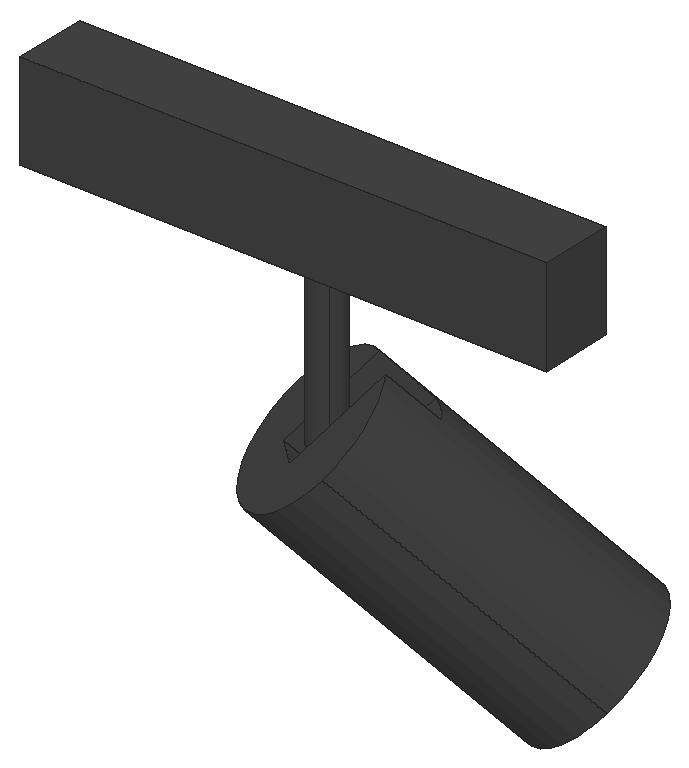
Revit family "C83", category Lighting Fixtures, host Ceiling, Revit 2018
Family settings
  Host = Ceiling
  Round Connector Dimension = Use Diameter
  Part Type = Normal
  OmniClass Number = 23.80.70.11
  OmniClass Title = Luminaries for Internal Lighting
  Always vertical = Yes
  Cut with Voids When Loaded = No
  Light Source = No
  Shared = No
  Room Calculation Point = No
Parameters (values of type "C83-L1800-9TC-277V-92-30-MB")
  Wattage Comments = "277"
  Rotation XZ [instance] = 45.00°
  Rotation XY [instance] = 45.00°
  Lamp = ""
  FINISH = MB-BLACK
  Constraint XZ [instance] = if(Rotation XZ < 0.00°, 0.00°, if(Rotation XZ > 90.00°, 90.00°, Rotation XZ))  # 45.00°
  Constraint XY [instance] = if(Rotation XY < 0.00°, 0.00°, if(Rotation XY > 340.00°, 340.00°, Rotation XY))  # 45.00°
  CRI = "92"
Types (10): name | Wattage Comments | Rotation XZ | Rotation XY | FINISH | Constraint XZ | Constraint XY
  (no name) | "277" | 45.00° | 45.00° | MB-BLACK | 45.00° | 45.00°
  C83-L1800-9TC-120V-92-30-P | "120" | 0.00° | 45.00° | P-WHITE | 0.00° | 45.00°
  C83-L1800-9TC-120V-92-30-MB | "120" | 45.00° | 45.00° | MB-BLACK | 45.00° | 45.00°
  C83-L1800-9TC-120V-92-30-CP | "120" | 90.00° | 270.00° | CP-CUSTOM FINISH | 90.00° | 270.00°
  C83-L1800-9TC-240V-92-30-CP | "240" | 0.00° | 45.00° | CP-CUSTOM FINISH | 0.00° | 45.00°
  C83-L1800-9TC-277V-92-30-CP | "277" | 0.00° | 45.00° | CP-CUSTOM FINISH | 0.00° | 45.00°
  C83-L1800-9TC-240V-92-30-MB | "240" | 0.00° | 45.00° | MB-BLACK | 0.00° | 45.00°
  C83-L1800-9TC-277V-92-30-MB | "277" | 45.00° | 45.00° | MB-BLACK | 45.00° | 45.00°
  C83-L1800-9TC-240V-92-30-P | "240" | 0.00° | 45.00° | P-WHITE | 0.00° | 45.00°
  C83-L1800-9TC-277V-92-30-P | "277" | 45.00° | 0.00° | P-WHITE | 45.00° | 0.00°
Reference planes (in)
  plane 1 "Light Source Axis (F/B)": y = 0
  plane 2 "Ceiling": z = 96
  plane 3 "Light Source Axis (L/R)": x = 0
  plane 4 "Light Source Elevation": z = 96
  plane 5: z = 94.96691
  plane 6: through (-180, -9.36916, 79.49216) normal (0, -0.7071, 0.7071)
Forms (in)
  Extrusion 1, solid, material "MB-BLACK" <- "FINISH"
    sketch origin (0, 0, 0) x (1, 0, 0) y (0, 0, 1)
      loop
        line (-4.01307, 97.405) -> (-4.01307, 96) -> (3.60515, 96) -> (3.60515, 97.405) -> (-4.01307, 97.405)
    from -0.53711 to 0.53711
Lines and regions (in)
  reference lines
    curve 1: line (0, 0, 96) -> (3.18198, 3.18198, 96)
Dimensions and locks (in)
  equal spacing: host sketch curve, plane 3 "Light Source Axis (L/R)", host sketch curve
  equal spacing: host sketch curve, plane 1 "Light Source Axis (F/B)", host sketch curve
  host sketch curve to host sketch curve = 10' - 0"  (x2)
  "Constraint XY": angle plane 1 "Light Source Axis (F/B)" to curve 1
  aligned and locked: plane 3 "Light Source Axis (L/R)" to curve 1
  aligned and locked: plane 1 "Light Source Axis (F/B)" to curve 1
Automatic sketch dimensions
  Extrusion 1 sketch curve to plane 2 "Ceiling" = 0' - 0"
  Extrusion 1 sketch curve to plane 3 "Light Source Axis (L/R)" = 0' - 4.01307"
  plane 3 "Light Source Axis (L/R)" to Extrusion 1 sketch curve = 0' - 3.60515"
  plane 2 "Ceiling" to Extrusion 1 sketch curve = 0' - 1.405"
Nested families (in)
  nested 1: "STEM LAMP_C83" at (0, 0, 96) x (0.7071, -0.7071, 0) z (0, 0, -1), Rotation XZ <- "Constraint XZ", Material <- "FINISH", type "STEM LAMP_C83"
    with Width_02 0' - 0.7874", Rotation XZ 45.00°, Material MB-BLACK, Constraint XZ 45.00°
  nested 2: "LAMP_C83" at (0.81238, 0.81238, 92.42695) x (0.7071, -0.7071, 0) z (0.5, 0.5, 0.7071), type "LAMP_C83"
    with Material MB-BLACK
  nested 3: "C83 IES Data" at (1.84916, 1.85019, 90.92488) x (-0.7071, 0.7071, 0) z (-0.5, -0.5, 0.7071), type "C83_IES"
Definition of nested family "STEM LAMP_C83"
  Parameters (values of type "STEM LAMP_C83")
    Width_04 = 0' - 0.47244"
    Width_03 = 0' - 0.62992"
    Width_02 [instance] = 0' - 0.7874"
    Width_01 = 0' - 1.06299"
    Widht_02 = 0' - 0.90551"
    Rotation XZ [instance] = 45.00°
    Material [instance] = none
    Default Elevation = 4' - 0"
    Constraint XZ [instance] = if(Rotation XZ < 0.00°, 0.00°, if(Rotation XZ > 90.00°, 90.00°, Rotation XZ))  # 45.00°
  Reference planes (in)
    plane 1 "Center (Front/Back)": y = 0
    plane 2: z = 0
    plane 3 "Center (Left/Right)": x = 0
    plane 4: z = 0.09453
    plane 5: z = 2.42417
    plane 6: y = 0.5315
    plane 7: y = -0.5315
    plane 8: y = 0.49213
    plane 9: y = -0.41339
    plane 10: x = -0.31496
    plane 11: x = 0.31496
    plane 12: x = -0.23622
    plane 13: x = 0.23622
    plane 14 "LAMP_02": y = 0.1382
    plane 15 "LAMP": z = 2.44188
    plane 16: z = 2.42417
  Forms (in)
    Extrusion 1, solid
      sketch origin (0, 0, 0) x (1, 0, 0) y (0, 1, 0)
        loop
          line (-48, 48) -> (-48, -48) -> (48, -48) -> (48, 48) -> (-48, 48)
      from 0 to -12
    Extrusion 2, solid, material <- "Material"
      sketch origin (0, 0, 0) x (1, 0, 0) y (0, 1, 0)
        loop
          circle (0, 0) r 0.35433
      from 0 to 0.09453
    Extrusion 3, solid, material <- "Material"
      sketch origin (0, 0, 0) x (1, 0, 0) y (0, 1, 0)
        loop
          circle (0, 0) r 0.25
      from 0.09453 to 2.42417
  Lines and regions (in)
    reference lines
      curve 1: line (0, 0, 2.42417) -> (0, -19.79387, 22.21804)
  Dimensions and locks (in)
    plane 4 to plane 2 = 0' - 0.09453"
    plane 5 to Extrusion 1 = 0' - 2.42417"
    equal spacing: plane 6, plane 1 "Center (Front/Back)", plane 7
    "Width_01": plane 6 to plane 7
    equal spacing: plane 11, plane 3 "Center (Left/Right)", plane 10
    equal spacing: plane 13, plane 3 "Center (Left/Right)", plane 12
    "Width_03": plane 11 to plane 10
    "Width_04": plane 13 to plane 12
    "Widht_02": plane 8 to plane 9
    plane 6 to plane 8 = 0' - 0.03937"
    plane 15 "LAMP" to plane 5 to Extrusion 1 = 0' - 0.01772", 0' - 2.42417"
    "Constraint XZ": angle plane 15 "LAMP" to curve 1
    aligned and locked: plane 2 to Extrusion 1
    aligned and locked: level to Extrusion 1
    aligned and locked: Extrusion 2 to level
    aligned and locked: plane 4 to Extrusion 2
    aligned and locked: Extrusion 3 to plane 4
    aligned and locked: plane 5 to Extrusion 3
    aligned and locked: plane 16 to curve 1
    aligned and locked: plane 1 "Center (Front/Back)" to curve 1
  Automatic sketch dimensions
    Extrusion 1 sketch curve to Extrusion 1 sketch curve = 8' - 0"  (x2)
    plane 1 "Center (Front/Back)" to Extrusion 3 sketch curve = 0' - 0"
    Extrusion 3 sketch curve to plane 3 "Center (Left/Right)" = 0' - 0"
    plane 1 "Center (Front/Back)" to Extrusion 2 sketch curve = 0' - 0"
    Extrusion 2 sketch curve to plane 3 "Center (Left/Right)" = 0' - 0"
    radius of Extrusion 3 sketch curve = 0' - 0 1/4"
    radius of Extrusion 2 sketch curve = 0' - 0.35433"
  Nested families (in)
    nested 1: "LAMP_C83" at (0, -1.14888, 3.57305) x (1, 0, 0) z (0, -0.7071, -0.7071), Material <- "Material", type "LAMP_C83"
  Definition of nested family "LAMP_C83"
    Parameters (values of type "LAMP_C83")
      Width_01 = 0' - 3.14961"
      Material [instance] = none
      Default Elevation = 4' - 0"
    Reference planes (in)
      plane 1 "Center (Front/Back)": y = 0
      plane 2: z = 0
      plane 3 "Center (Left/Right)": x = 0
      plane 4: z = 3.00208
      plane 5: z = -3.88768
      plane 6: z = 1.1811
      plane 7: z = -1.1811
      plane 8: z = 0
      plane 9: z = 0
      plane 10: y = 5.18689
      plane 11: y = -1.70287
      plane 12 "Light Source": y = 5.305
      plane 13: y = -0.97504
    Forms (in)
      Extrusion 1, solid
        sketch origin (0, 0, 0) x (1, 0, 0) y (0, 1, 0)
          loop
            line (-48, 48) -> (-48, -48) -> (48, -48) -> (48, 48) -> (-48, 48)
        from 0 to -12
      Extrusion 2, void
        sketch origin (0, 0, -0.70866) x (0, -1, 0) y (1, 0, 0)
          loop
            line (0.97504, -0.27559) -> (3.04961, -0.27559) -> (3.04961, 0.27559) -> (0.97504, 0.27559) -> (0.97504, -0.27559)
        from 2.34295 to 0.31496
      Extrusion 3, solid, material <- "Material"
        sketch origin (0, 0.77744, -0.70866) x (1, 0, 0) y (0, 0, 1)
          loop
            circle (0, 0.70866) r 1.1811
        from -1.91252 to 2.65748
      Revolve 4, void
        sketch origin (0, -0.74496, -0.59055) x (0, 1, 0) y (0, 0, 1)
          loop
            line (3.43492, 0.59055) -> (3.43492, 1.77284) -> (2.84437, 1.49746) -> (2.84437, 0.59055) -> (3.43492, 0.59055)
          axis (2.84437, 0.59055) -> (3.43492, 0.59055)
        angle from 0 to 360
    Cuts and joins
      Extrusion 2, Revolve 4 cuts Extrusion 3
    Dimensions and locks (in)
      plane 4 to Extrusion 1 = 0' - 3.00208"
      Extrusion 1 to plane 5 = 0' - 3.88768"
      Extrusion 2 to Extrusion 2 = 0' - 0.55118"
      equal spacing: plane 6, plane 8, plane 7
      plane 6 to plane 7 = 0' - 2.3622"
      plane 9 to plane 7 = 0' - 1.1811"
      plane 10 to plane 1 "Center (Front/Back)" to plane 11 = 0' - 5.18689" locked, 0' - 1.70287" locked
      aligned and locked: plane 2 to Extrusion 1
      aligned and locked: level to Extrusion 1
Definition of nested family "LAMP_C83"
  Parameters (values of type "LAMP_C83")
    Width_01 = 0' - 3.14961"
    Material [instance] = none
    Default Elevation = 4' - 0"
  Reference planes (in)
    plane 1 "Center (Front/Back)": y = 0
    plane 2: z = 0
    plane 3 "Center (Left/Right)": x = 0
    plane 4: z = 3.00208
    plane 5: z = -3.88768
    plane 6: z = 1.1811
    plane 7: z = -1.1811
    plane 8: z = 0
    plane 9: z = 0
    plane 10: y = 5.18689
    plane 11: y = -1.70287
    plane 12 "Light Source": y = 5.305
    plane 13: y = -0.97504
  Forms (in)
    Extrusion 1, solid
      sketch origin (0, 0, 0) x (1, 0, 0) y (0, 1, 0)
        loop
          line (-48, 48) -> (-48, -48) -> (48, -48) -> (48, 48) -> (-48, 48)
      from 0 to -12
    Extrusion 2, void
      sketch origin (0, 0, -0.70866) x (0, -1, 0) y (1, 0, 0)
        loop
          line (0.97504, -0.27559) -> (3.04961, -0.27559) -> (3.04961, 0.27559) -> (0.97504, 0.27559) -> (0.97504, -0.27559)
      from 2.34295 to 0.31496
    Extrusion 3, solid, material <- "Material"
      sketch origin (0, 0.77744, -0.70866) x (1, 0, 0) y (0, 0, 1)
        loop
          circle (0, 0.70866) r 1.1811
      from -1.91252 to 2.65748
    Revolve 4, void
      sketch origin (0, -0.74496, -0.59055) x (0, 1, 0) y (0, 0, 1)
        loop
          line (3.43492, 0.59055) -> (3.43492, 1.77284) -> (2.84437, 1.49746) -> (2.84437, 0.59055) -> (3.43492, 0.59055)
        axis (2.84437, 0.59055) -> (3.43492, 0.59055)
      angle from 0 to 360
  Cuts and joins
    Extrusion 2, Revolve 4 cuts Extrusion 3
  Dimensions and locks (in)
    plane 4 to Extrusion 1 = 0' - 3.00208"
    Extrusion 1 to plane 5 = 0' - 3.88768"
    Extrusion 2 to Extrusion 2 = 0' - 0.55118"
    equal spacing: plane 6, plane 8, plane 7
    plane 6 to plane 7 = 0' - 2.3622"
    plane 9 to plane 7 = 0' - 1.1811"
    plane 10 to plane 1 "Center (Front/Back)" to plane 11 = 0' - 5.18689" locked, 0' - 1.70287" locked
    aligned and locked: plane 2 to Extrusion 1
    aligned and locked: level to Extrusion 1
Definition of nested family "C83 IES Data"
  Parameters (values of type "C71_IES")
    Wattage = 30.5556 W
    built-in parameter 1150110 = 1 (stored number, unit not read)
    built-in parameter 1114217 = 1 (stored number, unit not read)
    Tilt Angle = 90.00°
    built-in parameter 1150109 = 1 (stored number, unit not read)
    built-in parameter 1150134 = (empty or 0)
    built-in parameter 1150113 = 1 (stored number, unit not read)
    built-in parameter 1010507 = 1.5708 (stored number, unit not read)
    built-in parameter 1010506 = 0.5236 (stored number, unit not read)
    Model = ""
    Manufacturer = ""
    built-in parameter 1150105 = 10030.7 (stored number, unit not read)
    Lumens = 3000 lm
    built-in parameter 1150115 = 1 (stored number, unit not read)
    Light Source Symbol Length = 10' - 0"
    built-in parameter 1150137 = (empty or 0)
    built-in parameter 1150139 = (empty or 0)
    built-in parameter 1150112 = 1 (stored number, unit not read)
    built-in parameter 1150114 = 1 (stored number, unit not read)
    Lamp = ""
    built-in parameter 1150132 = 2
    built-in parameter 1150102 = (empty or 0)
    built-in parameter 1150107 = 3000 (stored number, unit not read)
    built-in parameter 1150138 = (empty or 0)
    built-in parameter 1150106 = 100.31 (stored number, unit not read)
    Emit from Circle Diameter = 0' - 2.95276"
    Emit Shape Visible in Rendering = no
    built-in parameter 1150104 = 9.1214 (stored number, unit not read)
    Dimming Lamp Color Temperature Shift = (empty or 0)
    Description = ""
    Default Elevation = 0' - 0"
    Content Creator = ""
    Color Filter = 16777215
    built-in parameter 1114218 = 1 (stored number, unit not read)
    built-in parameter 1150133 = 10 (stored number, unit not read)
    Apparent Load = 27.5 VA
  Reference planes (in)
    plane 1 "Center (Front/Back)": y = 0
    plane 2: z = 0
    plane 3 "Center (Left/Right)": x = 0
  Forms (in)
    Extrusion 1, solid
      sketch origin (0, 0, 0) x (1, 0, 0) y (0, 1, 0)
        loop
          line (-48, 48) -> (-48, -48) -> (48, -48) -> (48, 48) -> (-48, 48)
      from 0 to 4.87962
  Dimensions and locks (in)
    aligned and locked: plane 2 to Extrusion 1
    aligned and locked: level to Extrusion 1
